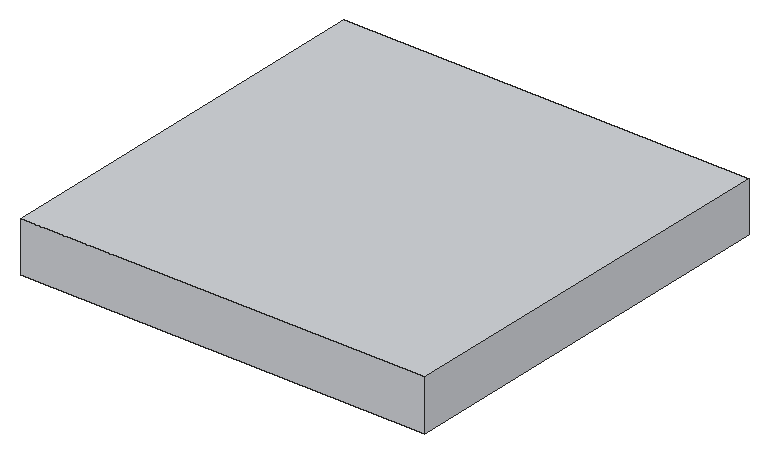
Revit family "00-8304-05-M1", category Luminarias, Revit 2019
Family settings
  Anfitrión = Cara
  Cota de conector redondo = Diámetro de uso
  Tipo de pieza = Normal
  Número OmniClass = 23.80.70.00
  Título OmniClass = Lighting
  Corte con vacíos al cargar = No
  Origen de luz = No
  Compartido = Sí
  Punto de cálculo de habitación = No
Parameters (values of type "00-8304-05-M1")
  Versión = "v1"
  Vatios (W) = 13
  Tipo de regulación = "DALI"
  Tipo = "Pendant"
  Tender text (English) = "LEDS C4 Dew 00-8304-05-M1V1  Pendant   For sideways lighting. Structure material: Aluminium. Structure finish: Black. Diffuser material: Polycarbonate. Diffuser finish: Opal white. Warranty: 5 Years.  Product net weight (Kg): 1.1 Product length (mm): 992 Product width or diameter (mm): 43 Product height (mm): 38  Class 1. IP: IP20. LED. No. of lampholders or LEDs: 1. LED brand: SAMSUNG. Driver brand: MEAN WELL. Maximum power of light source: 10.5W. Colour temperature: 2700K. Colour rendering index: 90. MacAdam Steps: 3. Hours of life: 50.000h L80B20. UGR: 10.7. Photobiological risk: RG0. % de Flickering: &lt;5%. Real flux (lm): 782. Real lm/W: 60. Voltage / frequency range: 180-277/50-60Hz. Voltage: 3. Equipment included: Yes. Total power: 13. Power factor: 0.94. Dimmable equipment included: DALI."
  Tender text (Castellano) = "LEDS C4 Dew 00-8304-05-M1V1  Pendant   For sideways lighting. Structure material: Aluminium. Structure finish: Black. Diffuser material: Polycarbonate. Diffuser finish: Opal white. Warranty: 5 Years.  Product net weight (Kg): 1.1 Product length (mm): 992 Product width or diameter (mm): 43 Product height (mm): 38  Class 1. IP: IP20. LED. No. of lampholders or LEDs: 1. LED brand: SAMSUNG. Driver brand: MEAN WELL. Maximum power of light source: 10.5W. Colour temperature: 2700K. Colour rendering index: 90. MacAdam Steps: 3. Hours of life: 50.000h L80B20. UGR: 10.7. Photobiological risk: RG0. % de Flickering: &lt;5%. Real flux (lm): 782. Real lm/W: 60. Voltage / frequency range: 180-277/50-60Hz. Voltage: 3. Equipment included: Yes. Total power: 13. Power factor: 0.94. Dimmable equipment included: DALI."
  Temperatura color led (K) = "LED warm-white 2700K"
  Referencia = "00-8304-05-M1"
  Rayo de luz = ""
  Producto descatalogado = "Catalogado EN"
  Pluma comercial = ""
  Peso neto (KG) = 1.1
  Material = "Aluminium, Polycarbonate"
  Lumenes reales (lm) = 782
  LDT = "https://files.leds-c4.com/ldt/00-8304-05-M1V1.html"
  Imagen web = "https://files.leds-c4.com/main-photo/00-8304-05-M1V1"
  IfcExportType = "NOTDEFINED"
  IfcExportAs = "IfcLightFixture\r\nIfcLightFixture"
  IP = "IP20"
  IMC = "https://files.leds-c4.com/imc/00-8304-05-M1V1.html"
  IK = ""
  Fuente de luz = ""
  Fotometría = "https://files.leds-c4.com/fm/00-8304-05-M1V1.html"
  Ficha = "https://files.leds-c4.com/ft/en/00-8304-05-M1V1.html"
  FechaVersion = "Creada: 23/12/2022"
  Familia = "Dew"
  Fabricante = "LEDS C4"  # constant formula
  Etiqueta V/f = "220-240V/50-60Hz"
  Elevación por defecto = 1000 mm
  Eficiencia energética = ""
  EAN13 = "8435575369504"
  DescripcionUniformat2010 = "Lighting"
  DescripcionUniclass2015 = "Lighting"
  DescripcionOmniclass = "Lighting"
  DescripcionGubimclass = "Iluminación interior"
  CodigoUniformat2010 = "D5040"
  CodigoUniclass2015 = "EF_70_80"
  CodigoOmniclass = "21-04 50 40"
  CodigoGubimclass = "50.60.50.20"
  Catálogo = "Decorative"
  Carga aparente = 0 VA
  CRI = 90
  Acabado = "Black, Opal white"
Reference planes
  plane 1 "Centro (Frontal/Posterior)": y = 0
  plane 2: z = 0
  plane 3 "Centro (Izquierda/Derecha)": x = 0
  plane 4 "Elevación de origen de luz": z = 0
  plane 5 "Eje de origen de luz (F/P)": y = 0
  plane 6 "Eje de origen de luz (I/D)": x = 0
Forms (mm)
  Extrusion 1, solid
    sketch origin (0, 0, 0) x (1, 0, 0) y (0, 1, 0)
      loop
        line (-1219.2, 1219.2) -> (-1219.2, -1219.2) -> (1219.2, -1219.2) -> (1219.2, 1219.2) -> (-1219.2, 1219.2)
    from 0 to -304.8
Dimensions and locks
  aligned and locked: plane 2 to Extrusion 1
  aligned and locked: level to Extrusion 1
Connectors
  electrical at (0, 0, 0)
    settings: on Extrusion 1, index 1, voltage 0 V, apparent load 0 VA, apparent load phase1 0 VA, apparent load phase2 0 VA, apparent load phase3 0 VA, power factor 1, load classification "Otro", number of poles 1, system type 31, power factor state 1, is connector primary yes, connector utility no, sub classification motor no, connector description ""
